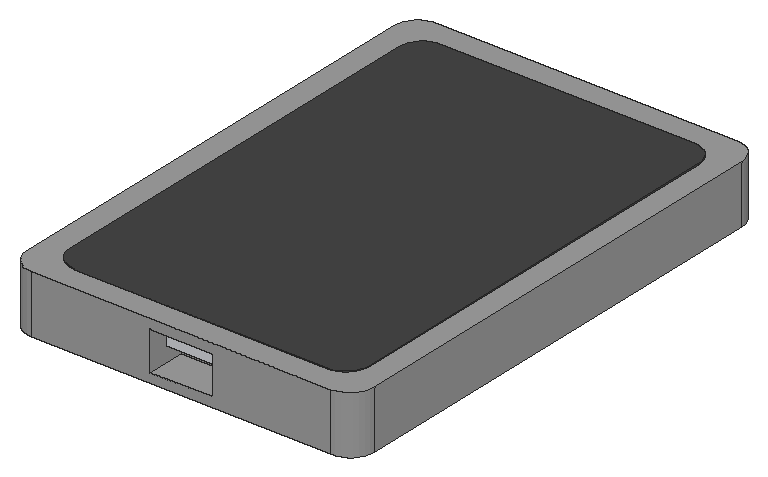
Revit family "STS-709M_RV17_LOD_400", category Электрооборудование, Revit 2017
Family settings
  Конфигурация панели = Два столбца, слева направо
  Размер круглого соединителя = Использовать диаметр
  Тип детали = Щит
  На основе рабочей плоскости = Да
  Всегда вертикально = Да
  При загрузке вырезать с полостями = Нет
  Общий = Нет
  Точка расчета площади = Нет
Parameters (values of type "STS-709M")
  Форматы считывателя (4) = "MIFARE DESFire"
  Форматы считывателя (3) = "MIFARE Standard 4k"
  Форматы считывателя (2) = "MIFARE Standard 1k"
  Удалённость считывателя от компьютера, = 3 mm
  Смещение_УГО_Х [instance] = 0 mm
  Смещение_УГО_Y [instance] = 0 mm
  Раздел спецификации [instance] = ""
  Раздел проекта [instance] = ""
  Рабочая частота, кГц = 13.56
  Потребляемый ток, не более, А = 0.1 A
  Default Elevation = 1219.2 mm
  Напряжение питание постоянного тока, не = "5 (USB)"
  Напряжение = "5"
  Интерфейс связи с компьютером = "USB 2.0"
  Форматы считывателя (1) = "MIFARE Ultralight"
  Диапазон рабочих температур, = "от +5 до +50"
  Дальность чтения / записи, см = "4-6"
  Видимость_УГО [instance] = yes
  В_Смещение_УГО_Y [instance] = Смещение_УГО_Y + 2000 mm  # 2000 mm
  В_Смещение_УГО_X [instance] = Смещение_УГО_Х + 2000 mm  # 2000 mm
  d короба [instance] = 20 mm
  ADSK_Размер_Ширина = 72 mm
  ADSK_Размер_Длина = 105 mm
  ADSK_Размер_Высота = 12 mm
  ADSK_Примечание = ""
  ADSK_Наименование = "STS-709М"
  ADSK_Масса = 0.1
  ADSK_Марка = "СТВФ.431295.004-01"
  ADSK_Количество = 1
  ADSK_Завод-изготовитель = "ООО «Основа Безопасности»"  # constant formula
  ADSK_Единица измерения = "шт."  # constant formula
  ADSK_URL страницы изделия = "https://stilsoft.ru/products/sts-709m"
  ADSK_URL документации изделия = ""
Reference planes
  plane 1 "По центру (Вперед/Назад)": y = 0
  plane 2: z = 0
  plane 3 "По центру (Влево/Вправо)": x = 0
  plane 4: y = 105
  plane 5: x = 36
  plane 6: x = -36
  plane 7: z = 12
  plane 8: z = 6
  plane 9: y = 0
  plane 10: x = 0
  plane 11: y = 2000
  plane 12: x = -2000
Forms (mm)
  Extrusion 1, solid, material "корпус считывателя", detail levels medium+fine
    sketch origin (0, 0, 0) x (1, 0, 0) y (0, 1, 0)
      loop
        arc (-31, 105) -> (-34.536, 103.536) -> (-36, 100) r 5
        line (-36, 100) -> (-36, 5)
        arc (-36, 5) -> (-34.536, 1.464) -> (-31, 0) r 5
        line (-31, 0) -> (31, 0)
        arc (31, 0) -> (34.536, 1.464) -> (36, 5) r 5
        line (36, 5) -> (36, 100)
        arc (36, 100) -> (34.536, 103.536) -> (31, 105) r 5
        line (31, 105) -> (-31, 105)
    from 0 to 12
  Extrusion 2, solid, material "элемент 1", detail levels medium+fine
    sketch origin (0, 0, 0) x (1, 0, 0) y (0, 1, 0)
      loop
        arc (-26, 100) -> (-29.536, 98.536) -> (-31, 95) r 5
        line (-31, 95) -> (-31, 10)
        arc (-31, 10) -> (-29.536, 6.464) -> (-26, 5) r 5
        line (-26, 5) -> (26, 5)
        arc (26, 5) -> (29.536, 6.464) -> (31, 10) r 5
        line (31, 10) -> (31, 95)
        arc (31, 95) -> (29.536, 98.536) -> (26, 100) r 5
        line (26, 100) -> (-26, 100)
    from 11 to 12.057
  Extrusion 3, void, detail levels medium+fine
    sketch origin (-0.95, 0, 0) x (1, 0, 0) y (0, 0, 1)
      loop
        line (7.458, 2) -> (7.458, 10) -> (-5.542, 10) -> (-5.542, 2) -> (7.458, 2)
    from 0 to -8
  Extrusion 4, solid
    sketch origin (-0.95, 0, 0) x (1, 0, 0) y (0, 0, 1)
      loop
        line (-4.542, 8) -> (-4.542, 6) -> (6.458, 6) -> (6.458, 8) -> (-4.542, 8)
    from -3 to -8
Cuts and joins
  Extrusion 3 cuts Extrusion 1
Dimensions and locks
  "ADSK_Размер_Ширина": plane 6 to plane 5
  "ADSK_Размер_Длина": plane 4 to plane 1 "По центру (Вперед/Назад)"
  "ADSK_Размер_Высота": plane 7 to level
  locked: plane 11 to plane 1 "По центру (Вперед/Назад)" at 2000
  locked: plane 12 to plane 3 "По центру (Влево/Вправо)" at 2000
  "В_Смещение_УГО_X": plane 12 to plane 10
  "В_Смещение_УГО_Y": plane 11 to plane 9
  aligned and locked: level to plane 2
  aligned and locked: nested 1 to plane 9
  aligned and locked: plane 10 to nested 1
Automatic sketch dimensions
  Extrusion 1 sketch curve to plane 6 = 0 mm
  plane 1 "По центру (Вперед/Назад)" to Extrusion 1 sketch curve = 0 mm
  Extrusion 1 sketch curve to Extrusion 1 sketch curve = 5 mm
  Extrusion 1 sketch curve to plane 1 "По центру (Вперед/Назад)" = 5 mm
  Extrusion 1 sketch curve to plane 5 = 5 mm
  Extrusion 1 sketch curve to plane 5 = 0 mm
  Extrusion 1 sketch curve to plane 4 = 5 mm
  Extrusion 1 sketch curve to plane 4 = 0 mm
  Extrusion 2 sketch curve to Extrusion 2 sketch curve = 5 mm  (x3)
  Extrusion 3 sketch curve to plane 7 = 2 mm
  Extrusion 3 sketch curve to plane 3 "По центру (Влево/Вправо)" = 6.492 mm
  level to Extrusion 3 sketch curve = 2 mm
  plane 3 "По центру (Влево/Вправо)" to Extrusion 3 sketch curve = 6.508 mm
  Extrusion 4 sketch curve to plane 8 = 0 mm
  plane 3 "По центру (Влево/Вправо)" to Extrusion 4 sketch curve = 5.508 mm
  plane 8 to Extrusion 4 sketch curve = 2 mm
  Extrusion 4 sketch curve to plane 3 "По центру (Влево/Вправо)" = 5.492 mm
  Extrusion 2 sketch curve to plane 4 = 10 mm
  Extrusion 2 sketch curve to plane 6 = 10 mm
  Extrusion 2 sketch curve to plane 5 = 10 mm  (x2)
  Extrusion 2 sketch curve to plane 1 "По центру (Вперед/Назад)" = 10 mm
Nested families
  nested 1: "УГО_Считыватель" at (0, 0, 0), visible <- "Видимость_УГО", type "УГО_Считыватель", detail levels coarse
Connectors
  electrical at (0.008, 0, 6)
    settings: on cut or joined group of Extrusion 1, Extrusion 3, index 1, voltage 0 V, apparent load 0 VA, apparent load phase1 0 VA, apparent load phase2 0 VA, apparent load phase3 0 VA, power factor 1, load classification "Прочее", number of poles 1, system type 31, power factor state 1, is connector primary yes, connector utility no, sub classification motor no, connector description ""
  cabletrayconduit at (0.008, 0, 6), diameter 20, driven by "d короба"
    settings: on cut or joined group of Extrusion 1, Extrusion 3, index 2, connector width 300 mm, connector height 300 mm, connector angle 0.00°, system type 32, placement type 0, profile type 0, connector reference index -1, is primary connector yes, connector utility param no, connector description ""
Definition of nested family "УГО_Считыватель"
  Reference planes
    plane 1: y = 0
    plane 2: x = 0
  Lines and regions (mm)
    detail lines
      curve 1: line (3, 0, 0) -> (3, -8, 0)
      curve 2: line (3, -8, 0) -> (-3, -8, 0)
      curve 3: line (-3, -8, 0) -> (-3, 0, 0)
      curve 4: line (-3, 0, 0) -> (3, 0, 0)
      curve 5: line (2, -1.007, 0) -> (2, -7.007, 0)
      curve 6: line (2, -7.007, 0) -> (-2, -7.007, 0)
      curve 7: line (-2, -7.007, 0) -> (-2, -1.007, 0)
      curve 8: line (-2, -1.007, 0) -> (2, -1.007, 0)
    detail lines, not visible
      curve 9: line (3, 0, 0) -> (3, -8, 0)
      curve 10: line (3, -8, 0) -> (-3, -8, 0)
      curve 11: line (-3, -8, 0) -> (-3, 0, 0)
      curve 12: line (-3, 0, 0) -> (3, 0, 0)
      curve 13: line (2, -1.007, 0) -> (2, -7.007, 0)
      curve 14: line (2, -7.007, 0) -> (-2, -7.007, 0)
      curve 15: line (-2, -7.007, 0) -> (-2, -1.007, 0)
      curve 16: line (-2, -1.007, 0) -> (2, -1.007, 0)
  Dimensions and locks
    aligned and locked: plane 1 to curve 4
